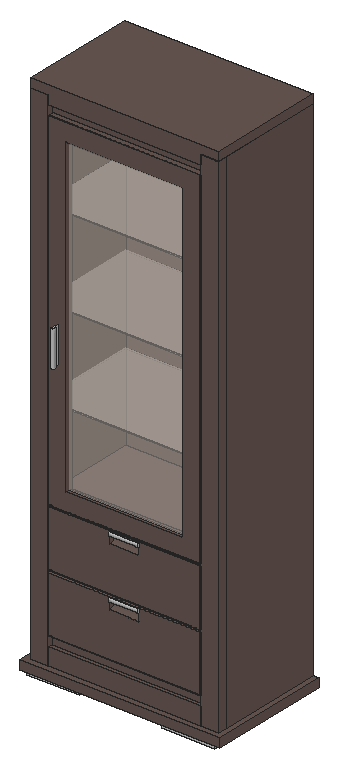
Revit family
Parameters (values of type "1810mm x 640mm x 400mm")
  Poignée = Métal - Alu brossé
  Verre = Verre - Mobilier
  Pieds = Métal - Alu brossé
  Profondeur = 400 mm
  Largeur = 640 mm
  Hauteur = 1810 mm
  Finition = Bois - Exotique
  Description = ""
Reference planes
  plane 1 "Arrière": y = 726.112
  plane 2: z = 0
  plane 3 "Centre (gauche/droite)": x = -10
  plane 4 "Gauche": x = -330
  plane 5 "Droite": x = 310
  plane 6 "Avant": y = 326.112
  plane 7 "HAUT": z = 1810
  plane 8: x = -315
  plane 9: x = -270
  plane 10: x = 250
  plane 11: x = 295
  plane 12: y = 351.112
  plane 13: y = 356.112
  plane 14: z = 130
  plane 15: z = 330
  plane 16: z = 530
  plane 17: z = 827.5
  plane 18: z = 1125
  plane 19: z = 1422.5
  plane 20: z = 1720
Forms (mm)
  Extrusion 1, solid, material "Bois - Exotique" <- "Finition"
    sketch origin (0, 726.112, 0) x (1, 0, 0) y (0, 0, 1)
      loop
        line (-315, 530) -> (-315, 515) -> (295, 515) -> (295, 530) -> (-315, 530)
    from 15 to 370
  Extrusion 2, solid, material "Verre - Mobilier"
    sketch origin (0, 726.112, 0) x (1, 0, 0) y (0, 0, 1)
      loop
        line (-315, 1417.5) -> (295, 1417.5) -> (295, 1422.5) -> (-315, 1422.5) -> (-315, 1417.5)
      loop
        line (-315, 1120) -> (295, 1120) -> (295, 1125) -> (-315, 1125) -> (-315, 1120)
      loop
        line (-315, 822.5) -> (295, 822.5) -> (295, 827.5) -> (-315, 827.5) -> (-315, 822.5)
    from 15 to 370
Dimensions and locks
  equal spacing: plane 4 "Gauche", plane 3 "Centre (gauche/droite)", plane 5 "Droite"
  "Largeur": plane 4 "Gauche" to plane 5 "Droite"
  "Hauteur": plane 7 "HAUT" to level
  "Profondeur": plane 6 "Avant" to plane 1 "Arrière"
  locked: plane 4 "Gauche" to plane 8 at 15
  locked: plane 4 "Gauche" to plane 9 at 60
  locked: plane 11 to plane 5 "Droite" at 15
  locked: plane 10 to plane 5 "Droite" at 60
  locked: plane 6 "Avant" to plane 12 at 25
  locked: plane 6 "Avant" to plane 13 at 30
  locked: plane 14 to level at 130
  locked: plane 15 to plane 14 at 200
  locked: plane 16 to plane 15 at 200
  locked: plane 7 "HAUT" to plane 20 at 90
  equal spacing: plane 20, plane 19, plane 18, plane 17, plane 16
  locked: plane 16 to Extrusion 1 sketch curve at 15
  locked: plane 17 to Extrusion 2 sketch curve at 5
  locked: plane 18 to Extrusion 2 sketch curve at 5
  locked: plane 19 to Extrusion 2 sketch curve at 5
  aligned and locked: plane 1 "Arrière" to nested 1
  aligned and locked: plane 6 "Avant" to nested 1
  aligned and locked: plane 12 to nested 2
  aligned and locked: plane 9 to nested 2
  aligned and locked: plane 10 to nested 2
  aligned and locked: plane 14 to nested 2
  aligned and locked: plane 15 to nested 2
  aligned and locked: plane 12 to nested 3
  aligned and locked: plane 10 to nested 3
  aligned and locked: plane 9 to nested 3
  aligned and locked: plane 15 to nested 3
  aligned and locked: plane 16 to nested 3
  aligned and locked: plane 16 to Extrusion 1 sketch curve
  aligned and locked: plane 8 to Extrusion 1 sketch curve
  aligned and locked: Extrusion 1 sketch curve to plane 11
  aligned and locked: plane 13 to Extrusion 1
  aligned and locked: Extrusion 2 sketch curve to Extrusion 2 sketch curve  (x4)
  aligned and locked: Extrusion 2 sketch curve to plane 19
  aligned and locked: Extrusion 2 sketch curve to plane 18
  aligned and locked: Extrusion 2 sketch curve to plane 17
  aligned and locked: Extrusion 2 sketch curve to plane 8
  aligned and locked: plane 11 to Extrusion 2 sketch curve
  aligned and locked: plane 13 to Extrusion 2
  aligned and locked: plane 12 to nested 4
  aligned and locked: plane 16 to nested 4
  aligned and locked: plane 20 to nested 4
  aligned and locked: plane 10 to nested 4
  aligned and locked: plane 9 to nested 4
  aligned and locked: plane 4 "Gauche" to nested 1
  aligned and locked: plane 5 "Droite" to nested 1
  aligned and locked: plane 7 "HAUT" to nested 1
Nested families
  nested 1: "#Base" at (0, 726.112, 0), type "#Base"
    with Profondeur 400 mm, Largeur 640 mm, Hauteur 1810 mm
  nested 2: "#PanneauHor" at (-60, -907.281, -670), type "#PanneauHor"
    with L 520 mm, H 200 mm
  nested 3: "#PanneauHor" at (-60, -907.281, -470), type "#PanneauHor"
    with L 520 mm, H 200 mm
  nested 4: "#PorteVitréeVer" at (-60, -907.281, -270), type "#PorteVitréeBV"
    with L 520 mm, H 1190 mm
Definition of nested family "#Base"
  Parameters (values of type "#Base")
    Pieds = Métal - Alu brossé
    Profondeur [instance] = 400 mm
    Largeur [instance] = 640 mm
    Hauteur [instance] = 1810 mm
    Finition = Bois - Exotique
    Assembly Code = ""
  Reference planes
    plane 1 "Arrière": y = 0
    plane 2: z = 0
    plane 3 "Centre (gauche/droite)": x = -10
    plane 4: x = -330
    plane 5: x = 310
    plane 6 "Avant": y = -400
    plane 7: z = 10
    plane 8: z = 40
    plane 9: z = 1810
    plane 10: z = 1750
    plane 11: z = 1780
    plane 12: z = 100
  Forms (mm)
    Extrusion 1, solid, material "Bois - Exotique" <- "Finition"
      sketch origin (1257.924, -1524, 10) x (0, -1, 0) y (-1, 0, 0)
        loop
          line (-1524, 1607.924) -> (-1524, 927.924) -> (-1104, 927.924) -> (-1104, 1607.924) -> (-1524, 1607.924)
      from 0 to -30
    Extrusion 2, solid, material "Métal - Alu brossé" <- "Pieds"
      sketch origin (0, 0, 0) x (1, 0, 0) y (0, 1, 0)
        loop
          line (-330, -415) -> (-150, -415) -> (-150, -350) -> (-330, -350) -> (-330, -415)
        loop
          line (-330, -65) -> (-150, -65) -> (-150, 0) -> (-330, 0) -> (-330, -65)
        loop
          line (130, -65) -> (310, -65) -> (310, 0) -> (130, 0) -> (130, -65)
        loop
          line (130, -415) -> (310, -415) -> (310, -350) -> (130, -350) -> (130, -415)
      from 0 to 10
    Extrusion 3, solid, material "Bois - Exotique" <- "Finition"
      sketch origin (1257.924, -1524, 40) x (0, -1, 0) y (-1, 0, 0)
        loop
          line (-1124, 1587.924) -> (-1154, 1587.924) -> (-1154, 1527.924) -> (-1124, 1527.924) -> (-1124, 1587.924)
        loop
          line (-1124, 1007.924) -> (-1154, 1007.924) -> (-1154, 947.924) -> (-1124, 947.924) -> (-1124, 1007.924)
      from 0 to -1740
    Extrusion 4, solid, material "Bois - Exotique" <- "Finition"
      sketch origin (0, 0, 0) x (1, 0, 0) y (0, 0, 1)
        loop
          line (-330, 1810) -> (-330, 1750) -> (310, 1750) -> (310, 1810) -> (-330, 1810)
      from 0 to 400
    Extrusion 5, solid, material "Bois - Exotique" <- "Finition"
      sketch origin (1257.924, -1524, 40) x (0, -1, 0) y (-1, 0, 0)
        loop
          line (-1154, 1587.924) -> (-1524, 1587.924) -> (-1524, 947.924) -> (-1154, 947.924) -> (-1154, 962.924) -> (-1509, 962.924) -> (-1509, 1572.924) -> (-1154, 1572.924) -> (-1154, 1587.924)
      from 0 to -1740
    Extrusion 6, solid, material "Bois - Exotique" <- "Finition"
      sketch origin (1257.924, -1524, 40) x (0, -1, 0) y (-1, 0, 0)
        loop
          line (-1124, 1527.924) -> (-1139, 1527.924) -> (-1139, 1007.924) -> (-1124, 1007.924) -> (-1124, 1527.924)
      from 0 to -60
    Sweep 7, void
      path in 3D
        loop
          line (-270, -400, 40) -> (-270, -400, 100)
      profile "PCR : 1.5mm x 1.5mm" origin (-270, -400, 70) x (0, 1, 0) y (-1, 0, 0)
        loop
          line (0, 0) -> (0, -1.5) -> (1.5, -1.5) -> (1.5, 0) -> (0, 0)
    Sweep 8, void
      path in 3D
        loop
          line (250, -400, 40) -> (250, -400, 100)
      profile "PCR : 1.5mm x 1.5mm" origin (250, -400, 70) x (0, -1, 0) y (1, 0, 0)
        loop
          line (0, 0) -> (-1.5, 0) -> (-1.5, -1.5) -> (0, -1.5) -> (0, 0)
    Extrusion 9, solid, material "Bois - Exotique" <- "Finition"
      sketch origin (1257.924, -1524, 1750) x (0, -1, 0) y (-1, 0, 0)
        loop
          line (-1139, 1527.924) -> (-1154, 1527.924) -> (-1154, 1007.924) -> (-1139, 1007.924) -> (-1139, 1527.924)
      from 0 to 30
    Extrusion 10, solid, material "Bois - Exotique" <- "Finition"
      sketch origin (1257.924, -1524, 40) x (0, -1, 0) y (-1, 0, 0)
        loop
          line (-1154, 1527.924) -> (-1154, 1007.924) -> (-1139, 1007.924) -> (-1139, 1527.924) -> (-1154, 1527.924)
      from 0 to -90
    Extrusion 11, void
      sketch origin (1257.924, -1524, 1750) x (-1, 0, 0) y (0, -1, 0)
        loop
          line (1587.924, -1124) -> (1526.424, -1124) -> (1526.424, -1154) -> (1587.924, -1154) -> (1587.924, -1124)
        loop
          line (1009.424, -1124) -> (947.924, -1124) -> (947.924, -1154) -> (1009.424, -1154) -> (1009.424, -1124)
      from 0 to 31.5
    Sweep 12, void
      path in 3D
        loop
          line (-330, -400, 1810) -> (-330, 0, 1810)
      profile "PCR : 1.5mm x 1.5mm" origin (-330, -200, 1810) x (-1, 0, 0) y (0, 0, 1)
        loop
          line (0, -28.5) -> (-1.5, -28.5) -> (-1.5, -30) -> (0, -30) -> (0, -28.5)
    Sweep 13, void
      path in 3D
        loop
          line (310, -400, 1810) -> (310, 0, 1810)
      profile "PCR : 1.5mm x 1.5mm" origin (310, -200, 1810) x (-1, 0, 0) y (0, 0, 1)
        loop
          line (0, -28.5) -> (0, -30) -> (1.5, -30) -> (1.5, -28.5) -> (0, -28.5)
  Cuts and joins
    Sweep 7, Sweep 8, Sweep 13 cuts Extrusion 3
    Extrusion 11, Sweep 12, Sweep 13 cuts Extrusion 4
    Extrusion 11, Sweep 12, Sweep 13 cuts Extrusion 5
    Extrusion 11, Sweep 12, Sweep 13 cuts Extrusion 9
    joined: Extrusion 4, Extrusion 5, Extrusion 9
    Sweep 7, Sweep 8 cuts Extrusion 1
    Sweep 7, Sweep 8 cuts Extrusion 6
  Lines and regions (mm)
    sketch lines
      curve 1: line (-270, -400, 40) -> (-270, -400, 100)
      curve 2: line (250, -400, 40) -> (250, -400, 100)
      curve 3: line (-330, -400, 1810) -> (-330, 0, 1810)
      curve 4: line (310, -400, 1810) -> (310, 0, 1810)
    symbolic lines
      curve 5: line (-330, -400, 1750) -> (-330, 0, 1750)
      curve 6: line (310, -400, 1750) -> (-330, -400, 1750)
      curve 7: line (310, 0, 1750) -> (310, -400, 1750)
  Dimensions and locks
    locked: plane 7 to plane 2 at 10
    locked: plane 8 to plane 2 at 40
    Extrusion 1 sketch curve to plane 4 = 20 mm
    plane 5 to Extrusion 1 sketch curve = 20 mm
    locked: Extrusion 1 sketch curve to plane 6 "Avant" at 20
    locked: plane 4 to Extrusion 2 sketch curve at 180
    locked: Extrusion 2 sketch curve to plane 5 at 180
    locked: Extrusion 2 sketch curve to plane 1 "Arrière" at 65
    locked: plane 6 "Avant" to Extrusion 2 sketch curve at 50
    "Hauteur": plane 9 to plane 2
    locked: plane 9 to plane 10 at 60
    locked: plane 9 to plane 11 at 30
    locked: Extrusion 3 sketch curve to Extrusion 3 sketch curve at 60  (x2)
    locked: Extrusion 3 sketch curve to Extrusion 3 sketch curve at 30
    locked: plane 6 "Avant" to Extrusion 5 sketch curve at 30
    locked: plane 4 to Extrusion 5 sketch curve at 15
    locked: Extrusion 5 sketch curve to plane 5 at 15
    locked: Extrusion 5 sketch curve to plane 1 "Arrière" at 15
    locked: Extrusion 2 sketch curve to plane 6 "Avant" at 15
    locked: plane 6 "Avant" to Extrusion 6 sketch curve at 15
    locked: plane 4 to Extrusion 6 sketch curve at 60
    locked: Extrusion 6 sketch curve to plane 5 at 60
    locked: plane 12 to plane 8 at 60
    equal spacing: plane 4, plane 3 "Centre (gauche/droite)", plane 5
    "Largeur": plane 4 to plane 5
    "Profondeur": plane 6 "Avant" to plane 1 "Arrière"
    locked: plane 6 "Avant" to Extrusion 9 sketch curve at 15
    locked: plane 6 "Avant" to Extrusion 9 sketch curve at 30
    locked: plane 4 to Extrusion 9 sketch curve at 60
    locked: Extrusion 9 sketch curve to plane 5 at 60
    locked: plane 6 "Avant" to Extrusion 10 sketch curve at 15
    locked: plane 6 "Avant" to Extrusion 10 sketch curve at 30
    locked: plane 4 to Extrusion 10 sketch curve at 60
    locked: Extrusion 10 sketch curve to plane 5 at 60
    locked: plane 6 "Avant" to Extrusion 11 sketch curve at 30
    locked: plane 4 to Extrusion 11 sketch curve at 61.5
    locked: Extrusion 11 sketch curve to plane 5 at 61.5
    aligned and locked: plane 1 "Arrière" to Extrusion 1 sketch curve
    aligned and locked: Extrusion 1 to plane 8
    aligned and locked: Extrusion 2 sketch curve to Extrusion 2 sketch curve  (x8)
    aligned and locked: Extrusion 2 sketch curve to plane 1 "Arrière"
    aligned and locked: Extrusion 2 sketch curve to plane 4
    aligned and locked: plane 5 to Extrusion 2 sketch curve
    aligned and locked: Extrusion 2 to plane 7
    aligned and locked: Extrusion 3 sketch curve to Extrusion 3 sketch curve  (x2)
    aligned and locked: Extrusion 3 sketch curve to plane 4
    aligned and locked: plane 6 "Avant" to Extrusion 3 sketch curve
    aligned and locked: plane 5 to Extrusion 3 sketch curve
    aligned and locked: Extrusion 3 to plane 11
    aligned and locked: Extrusion 4 sketch curve to plane 4
    aligned and locked: plane 5 to Extrusion 4 sketch curve
    aligned and locked: Extrusion 4 sketch curve to plane 9
    aligned and locked: plane 10 to Extrusion 4 sketch curve
    aligned and locked: Extrusion 5 sketch curve to Extrusion 5 sketch curve
    aligned and locked: plane 4 to Extrusion 5 sketch curve
    aligned and locked: Extrusion 5 sketch curve to plane 5
    aligned and locked: Extrusion 5 to plane 11
    aligned and locked: Extrusion 5 sketch curve to plane 1 "Arrière"
    aligned and locked: plane 6 "Avant" to Extrusion 6 sketch curve
    aligned and locked: cut or joined group of Extrusion 6, Sweep 7, Sweep 8 to plane 12
    aligned and locked: plane 6 "Avant" to cut or joined group of Extrusion 4, Extrusion 5, Extrusion 9, Extrusion 11, Sweep 12, Sweep 13
    aligned and locked: plane 6 "Avant" to Extrusion 11 sketch curve  (x2)
    aligned and locked: Extrusion 11 sketch curve to plane 4
    aligned and locked: plane 5 to Extrusion 11 sketch curve
    aligned and locked: Extrusion 11 sketch curve to Extrusion 11 sketch curve
    aligned and locked: curve 5 to cut or joined group of Extrusion 4, Extrusion 5, Extrusion 9, Extrusion 11, Sweep 12, Sweep 13
    aligned and locked: curve 6 to cut or joined group of Extrusion 4, Extrusion 5, Extrusion 9, Extrusion 11, Sweep 12, Sweep 13
    aligned and locked: curve 7 to cut or joined group of Extrusion 4, Extrusion 5, Extrusion 9, Extrusion 11, Sweep 12, Sweep 13
  Automatic sketch dimensions
    curve 5 to plane 1 "Arrière" = 0 mm
    curve 6 to plane 5 = 0 mm
    curve 6 to plane 6 "Avant" = 0 mm
    curve 5 to plane 4 = 0 mm
    curve 7 to plane 1 "Arrière" = 0 mm
Definition of nested family "#PanneauHor"
  Parameters (values of type "#PanneauHor")
    Poignée = Métal - Alu brossé
    L [instance] = 800 mm
    H [instance] = 300 mm
    Finition = Bois - Exotique
    Assembly Code = ""
  Reference planes
    plane 1 "Arrière": y = 1258.392
    plane 2: z = 0
    plane 3 "Centre (gauche/droite)": x = 50
    plane 4: x = -350
    plane 5: x = 450
    plane 6: z = 800
    plane 7 "H": z = 1100
    plane 8: x = 0
    plane 9: x = 100
  Forms (mm)
    Extrusion 1, solid, material "Bois - Exotique" <- "Finition"
      sketch origin (0, 1258.392, 0) x (1, 0, 0) y (0, 0, 1)
        loop
          line (-348.5, 801.5) -> (448.5, 801.5) -> (448.5, 1098.5) -> (-348.5, 1098.5) -> (-348.5, 801.5)
      from 0 to 25
    Sweep 2, void
      path origin (0, 0, 1100) x (0, -1, 0) y (1, 0, 0)
        loop
          line (-1233.392, 100) -> (-1233.392, 0)
      profile "PC-PT : #01" origin (50, 1233.392, 1100) x (0, -1, 0) y (0, 0, 1)
        loop
          line (0, -13) -> (-5, -13) -> (-5, -6) -> (-20, -6) -> (-20, -16)
          arc (-20, -16) -> (-14.652, -33.708) -> (0, -45) r 30.277
          line (0, -45) -> (0, -13)
    Sweep 3, solid, material "Métal - Alu brossé" <- "Poignée"
      path in 3D
        loop
          line (0, 1233.392, 1087) -> (100, 1233.392, 1087)
      profile "PP : Rayon de 6 mm" origin (50, 1233.392, 1087) x (0, -1, 0) y (0, 0, -1)
        loop
          arc (0, -6.004) -> (2.836, 5.292) -> (-5, -3.325) r 6.004
          line (-5, -3.325) -> (-5, 0) -> (0, 0) -> (0, -6.004)
    Sweep 4, void
      path in 3D
        loop
          line (-348.5, 1233.392, 801.5) -> (448.5, 1233.392, 801.5) -> (448.5, 1233.392, 1098.5) -> (-348.5, 1233.392, 1098.5) -> (-348.5, 1233.392, 801.5)
      profile "PCA : 2mm x 2mm" origin (-348.5, 1233.392, 950) x (0, -1, 0) y (-1, 0, 0)
        loop
          line (-2, 0) -> (0, -2) -> (0, 0) -> (-2, 0)
  Cuts and joins
    Sweep 2, Sweep 4 cuts Extrusion 1
  Lines and regions (mm)
    sketch lines
      curve 1: line (0, 1233.392, 1087) -> (100, 1233.392, 1087)
      curve 2: line (-348.5, 1233.392, 1098.5) -> (-348.5, 1233.392, 801.5)
      curve 3: line (448.5, 1233.392, 1098.5) -> (-348.5, 1233.392, 1098.5)
      curve 4: line (448.5, 1233.392, 801.5) -> (448.5, 1233.392, 1098.5)
      curve 5: line (-348.5, 1233.392, 801.5) -> (448.5, 1233.392, 801.5)
  Dimensions and locks
    equal spacing: plane 4, plane 3 "Centre (gauche/droite)", plane 5
    "L": plane 4 to plane 5
    "H": plane 7 "H" to plane 6
    locked: plane 7 "H" to Extrusion 1 sketch curve at 1.5
    locked: Extrusion 1 sketch curve to plane 6 at 1.5
    locked: Extrusion 1 sketch curve to plane 4 at 1.5
    locked: plane 5 to Extrusion 1 sketch curve at 1.5
    locked: plane 8 to plane 3 "Centre (gauche/droite)" at 50
    locked: plane 3 "Centre (gauche/droite)" to plane 9 at 50
    locked: Sweep 2 sketch curve to plane 1 "Arrière" at 25
    aligned and locked: plane 8 to Sweep 2 sketch curve
    aligned and locked: plane 9 to Sweep 2 sketch curve
Definition of nested family "#PorteVitréeVer"
  Parameters (values of type "#PorteVitréeBV")
    Poignée = Métal - Alu brossé
    L [instance] = 600 mm
    H [instance] = 1400 mm
    Verre = Verre - Mobilier
    Finition = Bois - Exotique
    Assembly Code = ""
  Reference planes
    plane 1 "Arrière": y = 1258.392
    plane 2: z = 0
    plane 3 "Centre (gauche/droite)": x = 50
    plane 4: x = -250
    plane 5: x = 350
    plane 6: z = 800
    plane 7: z = 2200
    plane 8: z = 1300
  Forms (mm)
    Extrusion 1, solid, material "Bois - Exotique" <- "Finition"
      sketch origin (0, 1258.392, 0) x (1, 0, 0) y (0, 0, 1)
        loop
          line (-248.5, 801.5) -> (348.5, 801.5) -> (348.5, 2198.5) -> (-248.5, 2198.5) -> (-248.5, 801.5)
        loop
          line (-188.5, 861.5) -> (288.5, 861.5) -> (288.5, 2138.5) -> (-188.5, 2138.5) -> (-188.5, 861.5)
      from 0 to 25
    Extrusion 2, solid, material "Verre - Mobilier" <- "Verre"
      sketch origin (0, 1258.392, 0) x (1, 0, 0) y (0, 0, 1)
        loop
          line (-188.5, 2138.5) -> (-188.5, 861.5) -> (288.5, 861.5) -> (288.5, 2138.5) -> (-188.5, 2138.5)
      from 10 to 15
    Sweep 3, void
      path in 3D
        loop
          line (-248.5, 1233.392, 801.5) -> (348.5, 1233.392, 801.5) -> (348.5, 1233.392, 2198.5) -> (-248.5, 1233.392, 2198.5) -> (-248.5, 1233.392, 801.5)
      profile "PCA : 2x2mm" origin (-248.5, 1233.392, 1500) x (0, -1, 0) y (-1, 0, 0)
        loop
          line (-2, 0) -> (0, -2) -> (0, 0) -> (-2, 0)
  Cuts and joins
    Sweep 3 cuts Extrusion 1
  Lines and regions (mm)
    sketch lines
      curve 1: line (-248.5, 1233.392, 2198.5) -> (-248.5, 1233.392, 801.5)
      curve 2: line (348.5, 1233.392, 2198.5) -> (-248.5, 1233.392, 2198.5)
      curve 3: line (348.5, 1233.392, 801.5) -> (348.5, 1233.392, 2198.5)
      curve 4: line (-248.5, 1233.392, 801.5) -> (348.5, 1233.392, 801.5)
  Dimensions and locks
    equal spacing: plane 4, plane 3 "Centre (gauche/droite)", plane 5
    "L": plane 4 to plane 5
    "H": plane 7 to plane 6
    locked: plane 7 to Extrusion 1 sketch curve at 1.5
    locked: Extrusion 1 sketch curve to plane 6 at 1.5
    locked: Extrusion 1 sketch curve to plane 4 at 1.5
    locked: plane 5 to Extrusion 1 sketch curve at 1.5
    locked: Extrusion 1 sketch curve to Extrusion 1 sketch curve at 60  (x4)
    locked: Extrusion 2 sketch curve to plane 4 at 61.5
    locked: plane 5 to Extrusion 2 sketch curve at 61.5
    locked: plane 7 to Extrusion 2 sketch curve at 61.5
    locked: Extrusion 2 sketch curve to plane 6 at 61.5
    locked: plane 8 to level at 1300
    locked: plane 4 to nested 1 at 28
    aligned and locked: Extrusion 1 to nested 1
    aligned and locked: plane 8 to nested 1
  Nested families
    nested 1: "PoignéePV" at (-222, 1233.392, 309.739), type "100mm"
  Definition of nested family "PoignéePV"
    Parameters (values of type "100mm")
      Poignée = Métal - Alu brossé
      Assembly Code = ""
    Reference planes
      plane 1 "Centre (avant/arrière)": y = 0
      plane 2: z = 0
      plane 3 "Centre (gauche/droite)": x = 0
      plane 4: z = 990.261
    Forms (mm)
      Extrusion 1, solid, material "Métal - Alu brossé" <- "Poignée"
        sketch origin (778.819, -1524, 990.261) x (0, -1, 0) y (-1, 0, 0)
          loop
            line (-1503, 778.819) -> (-1524, 778.819) -> (-1524, 772.819) -> (-1509, 772.819)
            arc (-1509, 772.819) -> (-1498.757, 768.576) -> (-1503, 778.819) r 6
        from -60 to 60
